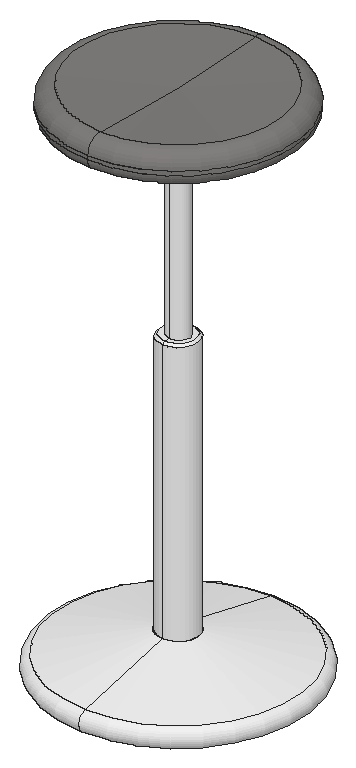
Revit family "Furniture_Office-Chairs_Flokk_Giroflex-10", category Furniture, Revit 2020
Family settings
  OmniClass Number = 23.40.20.14.14.11
  OmniClass Title = Chairs
  Work Plane-Based = No
  Always vertical = Yes
  Cut with Voids When Loaded = No
  Shared = No
  Room Calculation Point = No
Parameters (values of type "Giroflex 10")
  WarrantyStartDate [instance] = "n/a"
  WarrantyGuarantorParts = "n/a"
  WarrantyGuarantorLabor = "n/a"
  WarrantyDurationUnit = "Year"
  WarrantyDurationParts = "n/a"
  WarrantyDurationLabor = "n/a"
  WarrantyDescription = "n/a"
  VersionDate = "20/12/2022"  # constant formula
  Version = "1"
  Uniclass2015Reference = "Pr_40_50_12_51"
  Uniclass2015Description = "Meeting room chairs"
  Uniclass2 = "Pr_40_50_12_51"
  URL = "https://store.flokk.com/global/en-GB/products/giroflex-10?model=10-3020&code=06CNWP"
  Type Comments = ""
  TagNumber [instance] = "n/a"
  SustainabilityPerformance = "n/a"
  Style = "n/a"
  Size = "330x330x740 mm"
  Shape = "Sculptured"
  SerialNumber [instance] = "n/a"
  SeatingHeight = 740 mm
  Revision = "n/a"
  ReplacementCost = "n/a"
  ProductInformation = "A clever concept for good dynamics. The innovative giroflex 10 sit-stand stool brings a new healthy dynamic to sitting."
  ProductDatasheet = "https://flokkplatformprod.blob.core.windows.net/catalog/giroflex-10/Brochure_giroflex-10_International_en-it.pdf"
  OfficeChairTertiaryMaterial [instance] = Stainless Steel AISI 304
  OfficeChairSecondaryMaterial [instance] = Stainless Steel AISI 304
  OfficeChairMainMaterial [instance] = Gaja Classic 60003
  NominalLength = 330 mm
  NominalHeight [instance] = 740 mm
  NominalDepth = 330 mm
  Name = "Giroflex-10"
  NBSReference = "45-35-20/355"
  NBSDescription = "Stacking chairs"
  ModelReference = "n/a"
  ModelNumber = "10-2020"
  Material = "Plastic, Metal and Textile"
  ManufacturerURL = "https://www.flokk.com/"
  ManufacturerName = "Flokk"
  Model = "Giroflex 10"
  Manufacturer = "Flokk"
  MainColor = "Various"
  LowestSeatingHeight = SeatingHeight  # 740 mm
  InstallationDate [instance] = "n/a"
  IfcExportType = "CHAIR"  # constant formula
  IfcExportAs = "IfcFurnishingElementType"  # constant formula
  Grade = "n/a"
  Finish = "n/a"
  Features = "The 10 2020 version is delivered with a uphostered seat. One can also choose a cleanguard seat and a covering cone in various cover materials and colours on option."
  ExpectedLife = "n/a"
  DurationUnit = "Year"
  Designer = "Zemp + Partner Design, update by Paolo Fancelli."
  Description = "The giroflex 10 is an iconic and colourful object in itself. Yet, it is not just something for the eye but also for the whole locomotor system. The stand-up seating with the giroflex 10 fosters balance and strengthens the muscles, while relieving the spine and counteracting poor posture.\r\n\r\nThe 10 3020 version is delivered with a integral foam seat. One can also ad a covering cone in various cover materials and colours on option."
  Default Elevation = 0 mm
  Cost = 0
  Constituents = "n/a"
  Color = "Various"
  CodePerformance = "n/a"
  Barcode [instance] = "n/a"
  AssetIdentifier [instance] = "n/a"
  Category = "Giroflex"
  Brand = "Flokk"
  BIMObjectName = "Furniture_Office-Chairs_Flokk_Giroflex-10"  # constant formula
  Author = "BIMStone"  # constant formula
  AssetType = "Movable"
  AccessibilityPerformance = "n/a"
Reference planes
  plane 1 "Center (Front/Back)": y = 0
  plane 2: z = 0
  plane 3 "Center (Left/Right)": x = 0
  plane 4: x = -165
  plane 5: x = 165
  plane 6: y = -165
  plane 7: y = 165
  plane 8: z = 740
  plane 9: z = 740
Dimensions and locks
  equal spacing: plane 4, plane 3 "Center (Left/Right)", plane 5
  "NominalLength": plane 4 to plane 5
  equal spacing: plane 7, plane 1 "Center (Front/Back)", plane 6
  "NominalDepth": plane 7 to plane 6
  "SeatingHeight": plane 8 to level
  "NominalHeight": plane 9 to level
  aligned and locked: level to plane 2
Nested families
  nested 1: "g10 wo cone" at (0, 0, 0), sitting material <- "OfficeChairMainMaterial", metal <- "OfficeChairTertiaryMaterial", leg material <- "OfficeChairSecondaryMaterial", type "g10 cone"
    with sitting material Gaja Classic 60003, metal Stainless Steel AISI 304, leg material Stainless Steel AISI 304
Definition of nested family "g10 wo cone"
  Parameters (values of type "g10 wo cone")
    sitting material [instance] = none
    metal [instance] = none
    leg material [instance] = none
    Default Elevation = 0 mm
  Reference planes
    plane 1 "Center (Front/Back)": y = 0
    plane 2: z = 0
    plane 3 "Center (Left/Right)": x = 0
    plane 4: x = -165
    plane 5: x = 165
    plane 6: z = 740
    plane 7: y = 165
    plane 8: y = -165
  Forms (mm)
    Revolve 1, solid, material <- "sitting material", detail levels medium+fine
      sketch origin (0, 0, -0.703) x (0, 1, 0) y (0, 0, 1)
        loop
          line (0, 736.67) -> (0, 700.66) -> (135, 700.66)
          arc (135, 700.66) -> (145.607, 705.053) -> (150, 715.66) r 15
          line (150, 715.66) -> (150, 720.714)
          arc (150, 720.714) -> (143.704, 735.281) -> (128.78, 740.676) r 20
          arc (128.78, 740.676) -> (64.42, 737.71) -> (0, 736.67) r 2152.343
        axis (0, 700.66) -> (0, 740.676)
      angle from 0 to 360
    Revolve 2, solid, material <- "leg material", detail levels medium+fine
      sketch origin (0, 0, 0) x (0, 1, 0) y (0, 0, 1)
        loop
          line (0, 443) -> (0, 78) -> (25, 78) -> (25, 439.901) -> (21.901, 443) -> (0, 443)
        loop
          line (0, 663.7) -> (17.052, 663.7)
          arc (17.052, 663.7) -> (19.188, 664.585) -> (20.073, 666.721) r 3.021
          line (20.073, 666.721) -> (20.073, 675.681) -> (83.206, 675.681)
          arc (83.206, 675.681) -> (85.001, 675.917) -> (86.673, 676.61) r 6.933
          line (86.673, 676.61) -> (118.311, 694.876)
          arc (118.311, 694.876) -> (118.766, 695.976) -> (117.822, 696.7) r 0.977
          line (117.822, 696.7) -> (76.882, 696.7) -> (72.945, 707.516) -> (0, 707.516) -> (0, 663.7)
        axis (0, 78) -> (0, 707.516)
      angle from 0 to 360
    Revolve 3, solid, material <- "metal", detail levels medium+fine
      sketch origin (0, 0, 0) x (0, 1, 0) y (0, 0, 1)
        loop
          line (0, 439.901) -> (14.027, 439.901) -> (14.027, 667.528) -> (0, 667.528) -> (0, 439.901)
        axis (0, 667.528) -> (0, 439.901)
      angle from 0 to 360
    Revolve 4, solid, material <- "leg material", detail levels medium+fine
      sketch origin (0, 0, 0) x (0, 1, 0) y (0, 0, 1)
        loop
          line (0, 0) -> (11.847, 0) -> (154.753, 35.631)
          arc (154.753, 35.631) -> (164.999, 48.925) -> (154.405, 61.943) r 13.517
          line (154.405, 61.943) -> (26.488, 90.265) -> (0, 90.265) -> (0, 0)
        axis (0, 0) -> (0, 90.265)
      angle from 0 to 360
    Extrusion 5, solid, material <- "sitting material", detail levels coarse
      sketch origin (0, 0, 0) x (1, 0, 0) y (0, 1, 0)
        loop
          line (-165, 165) -> (-165, -165) -> (165, -165) -> (165, 165) -> (-165, 165)
      from 0 to 740
  Cuts and joins
    joined: Revolve 2, Revolve 4
  Lines and regions (mm)
    symbolic lines, detail levels fine
      curve 1: circle (0, 0, 0) r 150 normal (0, 0, 1)
      curve 10: line (0, 0, 439.901) -> (0, 25, 439.901)
      curve 12: line (0, 14.027, 663.706) -> (0, 0, 663.706)
      curve 16: line (0, 20.101, 675.756) -> (0, 0, 675.756)
      curve 28: line (0, 14.027, 443) -> (0, 0, 443)
      curve 29: line (0, 75.7, 699.954) -> (0, 0, 699.954)
      curve 30: line (0, 76.882, 696.732) -> (0, 0, 696.732)
      curve 32: line (0, 25, 90.265) -> (0, 0, 90.265)
      curve 40: line (0, 0, 439.901) -> (0, -25, 439.901)
      curve 42: line (0, -14.027, 663.706) -> (0, 0, 663.706)
      curve 46: line (0, -20.101, 675.756) -> (0, 0, 675.756)
      curve 58: line (0, -14.027, 443) -> (0, 0, 443)
      curve 59: line (0, -75.7, 699.954) -> (0, 0, 699.954)
      curve 60: line (0, -76.882, 696.732) -> (0, 0, 696.732)
      curve 62: line (0, -25, 90.265) -> (0, 0, 90.265)
      curve 79: line (25, 0, 439.901) -> (0, 0, 439.901)
      curve 80: line (0, 0, 439.901) -> (-25, 0, 439.901)
      curve 90: line (-14.027, 0, 443) -> (0, 0, 443)
      curve 91: line (0, 0, 443) -> (14.027, 0, 443)
      curve 92: line (-75.7, 0, 699.954) -> (0, 0, 699.954)
      curve 93: line (0, 0, 699.954) -> (75.7, 0, 699.954)
      curve 94: line (-76.882, 0, 696.732) -> (0, 0, 696.732)
      curve 95: line (0, 0, 696.732) -> (76.882, 0, 696.732)
      curve 96: line (-25, 0, 90.265) -> (0, 0, 90.265)
      curve 97: line (0, 0, 90.265) -> (25, 0, 90.265)
      curve 104: line (14.027, 0, 663.706) -> (0, 0, 663.706)
      curve 105: line (0, 0, 663.706) -> (-14.027, 0, 663.706)
      curve 114: line (20.101, 0, 675.756) -> (0, 0, 675.756)
      curve 115: line (0, 0, 675.756) -> (-20.101, 0, 675.756)
    symbolic lines, detail levels medium+fine
      curve 2: circle (0, 0, 0) r 165 normal (0, 0, 1)
      curve 3: line (0, 0, 0) -> (0, 13.017, 0)
      curve 4: line (0, 13.017, 0) -> (0, 154.6, 35.3)
      curve 5: line (0, 26.409, 90.265) -> (0, 25, 90.265)
      curve 6: line (0, 26.409, 90.265) -> (0, 154.243, 61.996)
      curve 7: line (0, 25, 90.265) -> (0, 25, 439.901)
      curve 8: line (0, 25, 439.901) -> (0, 21.901, 443)
      curve 9: line (0, 21.901, 443) -> (0, 14.027, 443)
      curve 11: line (0, 14.027, 663.706) -> (0, 14.027, 443)
      curve 13: line (0, 14.027, 663.706) -> (0, 16.925, 663.706)
      curve 14: arc (0, 16.925, 663.706) -> (0, 19.171, 664.636) -> (0, 20.101, 666.882) r 3.176
      curve 15: line (0, 20.101, 666.882) -> (0, 20.101, 675.756)
      curve 17: line (0, 20.101, 675.756) -> (0, 82.674, 675.756)
      curve 18: arc (0, 82.674, 675.756) -> (0, 85.055, 676.036) -> (0, 87.307, 676.86) r 10.27
      curve 19: line (0, 87.307, 676.86) -> (0, 118.18, 694.685)
      curve 20: arc (0, 118.18, 694.685) -> (0, 118.719, 695.829) -> (0, 117.833, 696.732) r 1.107
      curve 21: line (0, 117.833, 696.732) -> (0, 76.882, 696.732)
      curve 22: line (0, 75.7, 699.954) -> (0, 76.882, 696.732)
      curve 23: line (0, 135.004, 699.954) -> (0, 75.7, 699.954)
      curve 24: line (0, 150.004, 720) -> (0, 150.004, 714.954)
      curve 25: arc (0, 135.004, 699.954) -> (0, 145.611, 704.347) -> (0, 150.004, 714.954) r 15
      curve 26: line (0, 130.004, 740) -> (0, 0, 740)
      curve 27: arc (0, 150.004, 720) -> (0, 144.146, 734.142) -> (0, 130.004, 740) r 20
      curve 31: arc (0, 154.6, 35.3) -> (0, 164.994, 48.79) -> (0, 154.243, 61.996) r 13.713
      curve 33: line (0, 0, 0) -> (0, -13.017, 0)
      curve 34: line (0, -13.017, 0) -> (0, -154.6, 35.3)
      curve 35: line (0, -26.409, 90.265) -> (0, -25, 90.265)
      curve 36: line (0, -26.409, 90.265) -> (0, -154.243, 61.996)
      curve 37: line (0, -25, 90.265) -> (0, -25, 439.901)
      curve 38: line (0, -25, 439.901) -> (0, -21.901, 443)
      curve 39: line (0, -21.901, 443) -> (0, -14.027, 443)
      curve 41: line (0, -14.027, 663.706) -> (0, -14.027, 443)
      curve 43: line (0, -14.027, 663.706) -> (0, -16.925, 663.706)
      curve 44: arc (0, -16.925, 663.706) -> (0, -19.171, 664.636) -> (0, -20.101, 666.882) r 3.176
      curve 45: line (0, -20.101, 666.882) -> (0, -20.101, 675.756)
      curve 47: line (0, -20.101, 675.756) -> (0, -82.674, 675.756)
      curve 48: arc (0, -82.674, 675.756) -> (0, -85.055, 676.036) -> (0, -87.307, 676.86) r 10.27
      curve 49: line (0, -87.307, 676.86) -> (0, -118.18, 694.685)
      curve 50: arc (0, -118.18, 694.685) -> (0, -118.719, 695.829) -> (0, -117.833, 696.732) r 1.107
      curve 51: line (0, -117.833, 696.732) -> (0, -76.882, 696.732)
      curve 52: line (0, -75.7, 699.954) -> (0, -76.882, 696.732)
      curve 53: line (0, -135.004, 699.954) -> (0, -75.7, 699.954)
      curve 54: line (0, -150.004, 720) -> (0, -150.004, 714.954)
      curve 55: arc (0, -135.004, 699.954) -> (0, -145.611, 704.347) -> (0, -150.004, 714.954) r 15
      curve 56: line (0, -130.004, 740) -> (0, 0, 740)
      curve 57: arc (0, -150.004, 720) -> (0, -144.146, 734.142) -> (0, -130.004, 740) r 20
      curve 61: arc (0, -154.6, 35.3) -> (0, -164.994, 48.79) -> (0, -154.243, 61.996) r 13.713
      curve 63: arc (-20.101, 0, 666.882) -> (-19.171, 0, 664.636) -> (-16.925, 0, 663.706) r 3.176
      curve 64: arc (-87.307, 0, 676.86) -> (-85.055, 0, 676.036) -> (-82.674, 0, 675.756) r 10.27
      curve 65: arc (-117.833, 0, 696.732) -> (-118.719, 0, 695.829) -> (-118.18, 0, 694.685) r 1.107
      curve 66: arc (-150.004, 0, 714.954) -> (-145.611, 0, 704.347) -> (-135.004, 0, 699.954) r 15
      curve 67: arc (-130.004, 0, 740) -> (-144.146, 0, 734.142) -> (-150.004, 0, 720) r 20
      curve 68: arc (-154.243, 0, 61.996) -> (-164.994, 0, 48.79) -> (-154.6, 0, 35.3) r 13.713
      curve 69: arc (16.925, 0, 663.706) -> (19.171, 0, 664.636) -> (20.101, 0, 666.882) r 3.176
      curve 70: arc (82.674, 0, 675.756) -> (85.055, 0, 676.036) -> (87.307, 0, 676.86) r 10.27
      curve 71: arc (118.18, 0, 694.685) -> (118.719, 0, 695.829) -> (117.833, 0, 696.732) r 1.107
      curve 72: arc (135.004, 0, 699.954) -> (145.611, 0, 704.347) -> (150.004, 0, 714.954) r 15
      curve 73: arc (150.004, 0, 720) -> (144.146, 0, 734.142) -> (130.004, 0, 740) r 20
      curve 74: arc (154.6, 0, 35.3) -> (164.994, 0, 48.79) -> (154.243, 0, 61.996) r 13.713
      curve 75: line (154.6, 0, 35.3) -> (13.017, 0, 0)
      curve 76: line (13.017, 0, 0) -> (0, 0, 0)
      curve 77: line (0, 0, 0) -> (-13.017, 0, 0)
      curve 78: line (-13.017, 0, 0) -> (-154.6, 0, 35.3)
      curve 81: line (-14.027, 0, 663.706) -> (-16.925, 0, 663.706)
      curve 82: line (-20.101, 0, 675.756) -> (-82.674, 0, 675.756)
      curve 83: line (-87.307, 0, 676.86) -> (-118.18, 0, 694.685)
      curve 84: line (-117.833, 0, 696.732) -> (-76.882, 0, 696.732)
      curve 85: line (-76.882, 0, 696.732) -> (-75.7, 0, 699.954)
      curve 86: line (-75.7, 0, 699.954) -> (-135.004, 0, 699.954)
      curve 87: line (-150.004, 0, 720) -> (-150.004, 0, 714.954)
      curve 88: line (-130.004, 0, 740) -> (0, 0, 740)
      curve 89: line (0, 0, 740) -> (130.004, 0, 740)
      curve 98: line (154.243, 0, 61.996) -> (26.409, 0, 90.265)
      curve 99: line (26.409, 0, 90.265) -> (25, 0, 90.265)
      curve 100: line (25, 0, 90.265) -> (25, 0, 439.901)
      curve 101: line (25, 0, 439.901) -> (21.901, 0, 443)
      curve 102: line (21.901, 0, 443) -> (14.027, 0, 443)
      curve 103: line (14.027, 0, 443) -> (14.027, 0, 663.706)
      curve 106: line (-14.027, 0, 663.706) -> (-14.027, 0, 443)
      curve 107: line (-14.027, 0, 443) -> (-21.901, 0, 443)
      curve 108: line (-21.901, 0, 443) -> (-25, 0, 439.901)
      curve 109: line (-25, 0, 439.901) -> (-25, 0, 90.265)
      curve 110: line (-25, 0, 90.265) -> (-26.409, 0, 90.265)
      curve 111: line (-26.409, 0, 90.265) -> (-154.243, 0, 61.996)
      curve 112: line (14.027, 0, 663.706) -> (16.925, 0, 663.706)
      curve 113: line (20.101, 0, 666.882) -> (20.101, 0, 675.756)
      curve 116: line (-20.101, 0, 675.756) -> (-20.101, 0, 666.882)
      curve 117: line (20.101, 0, 675.756) -> (82.674, 0, 675.756)
      curve 118: line (87.307, 0, 676.86) -> (118.18, 0, 694.685)
      curve 119: line (117.833, 0, 696.732) -> (76.882, 0, 696.732)
      curve 120: line (76.882, 0, 696.732) -> (75.7, 0, 699.954)
      curve 121: line (75.7, 0, 699.954) -> (135.004, 0, 699.954)
      curve 122: line (150.004, 0, 720) -> (150.004, 0, 714.954)
  Dimensions and locks
    plane 6 to level = 740 mm
    aligned and locked: level to plane 2
